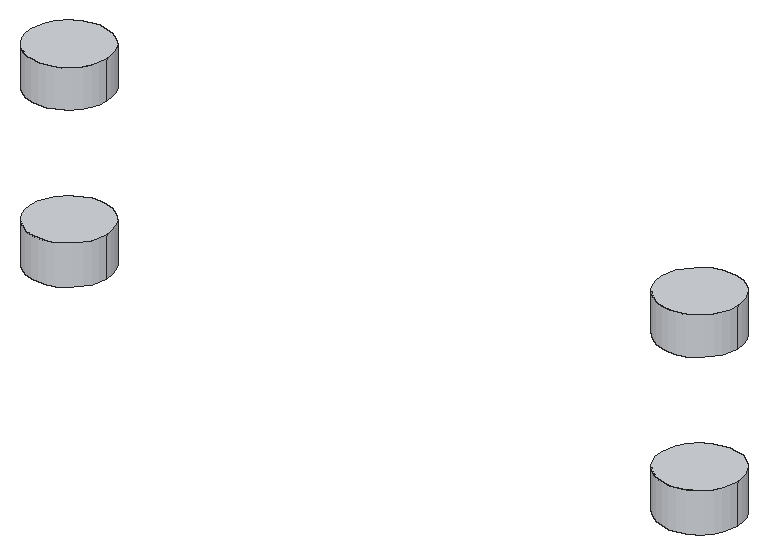
Revit family "QF_BOURGEAT_Transtherm_Four_sur_pietement_bas_5GN1_2", category Equipement spécialisé, Revit 2015
Parameters (values of type "892004 + 897500 + 895104")
  URL catalogue = "http://www.bourgeat.fr/.fr/"
  URL = ""
  Type_de_modele = 892004 + 897500 + 895104 : 892004 + 897500 + 895104
  Type de Raccord Electrique = ""
  Type article = ""
  Tension = 230 V
  Spécification du Fabricant = "TRANS'THERM"
  Remarques Electricité = ""
  Puissance électrique  = 2200 W
  Profondeur hors tout = 577 mm
  Poids net à vide = 28.00 kg
  Phase = 3
  Nature isolant = "Laine_de_roche(60mm)"
  Modèle = "892004 + 897500 + 895104"
  Longueur hors tout = 418 mm
  Intensité nominale = 9.56522 A
  Indice de protection = "IP25"
  Hauteur hors tout = 810 mm
  Fréquence = 50 Hz
  Fabricant = "BOURGEAT"
  Contact SAV = "0033(0)4.76.32.14.44"
  Consommation énergétique = "1.5Kwh/h"
  Charge max = 10.00 kg
  Certification = "NF alimentaire"
Types (3, lengths in mm): name | Type_de_modele | Modèle
  (no name) | 892004 + 897500 + 895104 : 892004 + 897500 + 895104 | "892004 + 897500 + 895104"
  892004 + 895104 | 892004 + 895104 : 892004 + 895104 | "892004 + 895104"
  892004 + 897500 + 895104 | 892004 + 897500 + 895104 : 892004 + 897500 + 895104 | "892004 + 897500 + 895104"
Reference planes
  plane 1 "Centre (avant/arrière)": y = 0
  plane 2: z = 0
  plane 3 "Centre (gauche/droite)": x = 0
Forms (mm)
  Extrusion 1, solid
    sketch origin (0, 0, 0) x (1, 0, 0) y (0, 1, 0)
      loop
        circle (-83, -62) r 10
      loop
        circle (83, -62) r 10
    from 137.21 to 147.6
Dimensions and locks
  aligned and locked: level to plane 2
Nested families
  nested 1: "892004 + 897500 + 895104" at (0, 0, 0), type <- "Type_de_modele", type "892004 + 897500 + 895104"
Connectors
  electrical at (83, -62, 137.21)
    settings: on Extrusion 1, index 1, voltage 0 V, apparent load 0 VA, apparent load phase1 0 VA, apparent load phase2 0 VA, apparent load phase3 0 VA, power factor 1, load classification "Autre", number of poles 1, system type 30, power factor state 1, is connector primary yes, connector utility no, sub classification motor no, connector description ""
  piping at (-83, -62, 137.21), diameter 609.6
    settings: on Extrusion 1, index 2, connector inside diameter 609.6 mm, connector length 0 mm, flow factor 0, pipe flow 0.0 L/s, pressure drop 0.0 Pa, fitting loss kfactor 0, connector angle 0.00°, fixture units 0, engagement length 0 mm, angle of deflection 0.00°, flow configuration 0, flow direction 0, fitting loss method 0, system type 7, joint type 0, gender type 0, connector reference index -1, connector utility 0, adjustable connector no, is connector primary yes, connector description ""
Definition of nested family "892004 + 897500 + 895104"
  Parameters (values of type "892004 + 897500 + 895104")
    URL_page_produit = "http://www.bourgeat.fr/.fr/"
    URL_fiche_technique = "à venir"
    URL_SAV = "à venir"
    URL = "http://www.bourgeat.fr/.fr/"
    Type_de_raccordement = ""
    Tension = 400 V
    Puissance_electrique = 8700 W
    Protection_appareil = ""
    Profondeur_hors_tout = 0 mm
    Poids = "Kg"
    Nombre_pole = 1
    Niveau_sonore = ""
    Nature_isolant = "Laine_de_roche(60mm)"
    Model = "Trans'therm"
    Largeur_hors_tout = 0 mm
    Intensite = Puissance_electrique / Tension  # 21.75 A
    Indice_protection = ""
    Hauteur_hors_tout = 0 mm
    Frequence = "50/60Hz"
    Manufacturer = "BOURGEAT"
    Contact_SAV = "0033(0)4.76.32.14.44"
    Consommation_energetique = "6.5Kwh"
    Code_article = "892004 +897500 + 895104"
    Classe_energetique = ""
    Classe_climatique = ""
    Charge_maximum = "Kg"
    Certification = "NF alimentaire"
  Reference planes
    plane 1 "Centre (avant/arrière)": y = 0
    plane 2: z = 0
    plane 3 "Centre (gauche/droite)": x = 0
    plane 4: y = -62
    plane 5: x = 83
    plane 6: x = -83
    plane 7: z = 189
    plane 8: z = 179
    plane 9: x = 0
  Forms (mm)
    Extrusion 1, solid
      sketch origin (0, 0, 0) x (1, 0, 0) y (0, 1, 0)
        loop
          circle (-83, -62) r 10
        loop
          circle (83, -62) r 10
      from 179 to 189
  Lines and regions (mm)
    symbolic lines
      curve 1: line (-207.21, -574.8, 0) -> (-207.21, -988.8, 0)
      curve 2: arc (-207.21, -988.8, 0) -> (85.532, -867.543, 0) -> (206.79, -574.8, 0) r 414
  Dimensions and locks
    locked: plane 4 to plane 1 "Centre (avant/arrière)" at 62
    locked: plane 6 to plane 5 at 166
    locked: plane 7 to plane 8 at 10
    equal spacing: plane 6, plane 3 "Centre (gauche/droite)", plane 5, locked at 83 each
    plane 7 to plane 2 = 189 mm
    plane 9 to import instance = 209 mm
    aligned and locked: level to plane 2
    aligned and locked: plane 7 to Extrusion 1
    aligned and locked: Extrusion 1 to plane 8
    aligned and locked: plane 6 to Extrusion 1 sketch curve
    aligned and locked: plane 5 to Extrusion 1 sketch curve
    aligned and locked: plane 3 "Centre (gauche/droite)" to plane 9
    aligned and locked: import instance to plane 1 "Centre (avant/arrière)"
  Automatic sketch dimensions
    Extrusion 1 sketch curve to plane 4 = 0 mm  (x2)
    plane 6 to curve 2 = 124.21 mm
    curve 2 to plane 4 = 512.8 mm
    plane 5 to curve 2 = 123.79 mm
    curve 1 to curve 2 = 0 mm
    radius of Extrusion 1 sketch curve = 10 mm  (x2)
